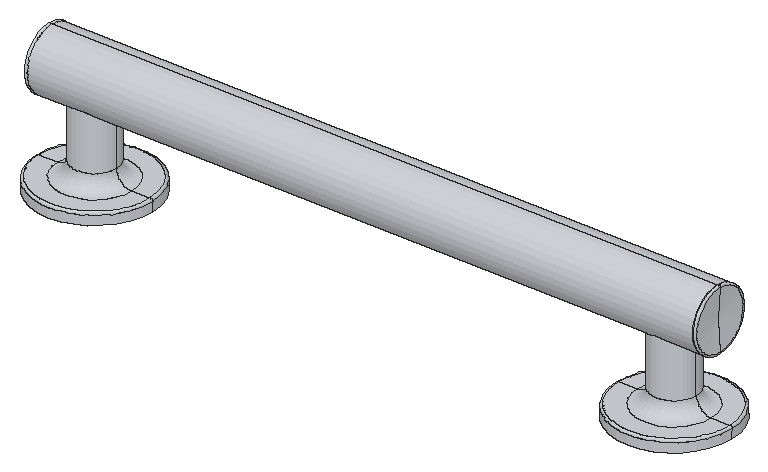
Revit family "Accessory-Grab_Bars-KOHLER-Purist-K-11891", category Generic Models, host Face, Revit 2015
Parameters (values of type "S-Polished Stainless")
  Width = 2 7/16"  # constant formula
  URL = "https://www.us.kohler.com/us/"
  Type = 1
  Product Page URL = "http://www.us.kohler.com/us/catalog/productDetails.jsp?productNumber=11891"
  Product Name = "Purist"  # constant formula
  Product Documentation Link = "http://www.us.kohler.com/onlinecatalog/pdf/K-11891_spec.pdf"
  Model = if(Type = 1, "K-11891-S", if(Type = 2, "K-11891-SN", if(Type = 3, "K-11891-BN", if(Type = 4, "K-11891-BS", if(Type = 5, "K-11891-BV", if(Type = 6, "K-11891-TT", "NA"))))))  # "K-11891-S"
  Material = "Premium Metal Construction"  # constant formula
  MasterFormat 2004 = "10.28.13"  # constant formula
  MasterFormat 1995 = "10820"  # constant formula
  Manufacturer Address = "444 Highland Dr, Kohler, WI 53044"  # constant formula
  Manufacturer = "KOHLER Co."  # constant formula
  Length = 14 103/256"  # constant formula
  Height = 2 3/4"  # constant formula
  Finish = Kohler-Metal-S-Polished_Stainless
  Environmental Product Declaration = ""
  Description = "12inch grab bar"  # constant formula
  Default Elevation = 42"
  Declare Label = ""
  Date Modified = "1/31/2018"  # constant formula
  Date Created = "1/31/2018"  # constant formula
  Copyright = "Copyright KOHLER Co."  # constant formula
  Contact Us = "https://www.us.kohler.com/us/static/contact.jsp"
  Assembly Code = "C1030200"
  ADA = yes
Types (7): name | Type | Model | Finish
  (no name) | 1 | "K-11891-S" | Kohler-Metal-S-Polished_Stainless
  S-Polished Stainless | 1 | "K-11891-S" | Kohler-Metal-S-Polished_Stainless
  SN-Vibrant Polished Nickel | 2 | "K-11891-SN" | Kohler-Metal-SN-Vibrant_Polished_Nickel
  BN-Vibrant Brushed Nickel | 3 | "K-11891-BN" | Kohler-Metal-BN-Vibrant_Brushed_Nickel
  BS-Brushed Stainless | 4 | "K-11891-BS" | Kohler-Metal-BS-Brushed_Stainless
  BV-Vibrant Brushed Bronze | 5 | "K-11891-BV" | Kohler-Metal-BV-Brushed_Bronze
  TT-Vibrant Titanium | 6 | "K-11891-TT" | Kohler-Metal-TT-Vibrant_Titanium
Reference planes (in)
  plane 1 "Center (Front/Back)": y = 0
  plane 2: z = 0
  plane 3 "Center (Left/Right)": x = 0
  plane 4: y = -1.21641
  plane 5: y = 1.22109
  plane 6: x = -7.20117
  plane 7: z = 2.75
  plane 8: x = 7.20117
Dimensions and locks (in)
  "Width": plane 4 to plane 5
  "Height": plane 7 to level
  "Length": plane 6 to plane 8
  aligned and locked: plane 2 to host face
  aligned and locked: level to host face
Automatic sketch dimensions
  host sketch curve to host sketch curve = 96"  (x2)
Nested families (in)
  nested 1: "K-11891" at (0, 0, 0), type "K-11891"
Definition of nested family "K-11891"
  Parameters (values of type "K-11891")
    Material = none
    Half Length2 = Half Length + 29/32"  # 6 29/32"
    Half Length = 6"
  Reference planes (in)
    plane 1 "Center (Front/Back)": y = 0
    plane 2: z = 0
    plane 3 "Center (Left/Right)": x = 0
  Forms (in)
    Revolve 1, solid, material <- "Material"
      sketch origin (0, 0, 0) x (1, 0, 0) y (0, 0, 1)
        loop
          line (-6, 0) -> (-6, 1.70188) -> (-6.45669, 1.70188) -> (-6.45669, 0.54668)
          arc (-6.45669, 0.54668) -> (-6.54762, 0.32715) -> (-6.76715, 0.23622) r 0.31046
          line (-6.76715, 0.23622) -> (-7.1536, 0.23622)
          arc (-7.1536, 0.23622) -> (-7.18697, 0.2224) -> (-7.20079, 0.18903) r 0.04719
          line (-7.20079, 0.18903) -> (-7.20079, 0) -> (-6, 0)
        axis (-6, 1.70188) -> (-6, 0)
      angle from 0 to 360
    Revolve 2, solid, material <- "Material"
      sketch origin (0, 0, 0) x (-1, 0, 0) y (0, 0, 1)
        loop
          line (-6, 0) -> (-6, 1.70188) -> (-6.45669, 1.70188) -> (-6.45669, 0.54668)
          arc (-6.45669, 0.54668) -> (-6.54762, 0.32715) -> (-6.76715, 0.23622) r 0.31046
          line (-6.76715, 0.23622) -> (-7.1536, 0.23622)
          arc (-7.1536, 0.23622) -> (-7.18697, 0.2224) -> (-7.20079, 0.18903) r 0.04719
          line (-7.20079, 0.18903) -> (-7.20079, 0) -> (-6, 0)
        axis (-6, 1.70188) -> (-6, 0)
      angle from 0 to 360
    Revolve 3, solid, material <- "Material"
      sketch origin (0, 0, 0.05664) x (1, 0, 0) y (0, 0, 1)
        loop
          line (-6.88912, 2.69291) -> (-6.88912, 2.66186)
          arc (-6.88912, 2.66186) -> (-6.91972, 2.697) -> (-6.95175, 2.66316) r 0.03147
          arc (-6.95175, 2.66316) -> (-6.91764, 2.36394) -> (-6.90625, 2.06299) r 3.98071
          line (-6.90625, 2.06299) -> (6.90625, 2.06299)
          arc (6.90625, 2.06299) -> (6.91764, 2.36394) -> (6.95175, 2.66316) r 3.98071
          arc (6.95175, 2.66316) -> (6.91972, 2.697) -> (6.88912, 2.66186) r 0.03147
          line (6.88912, 2.66186) -> (6.88912, 2.69291) -> (-6.88912, 2.69291)
        axis (6.95175, 2.06299) -> (-6.95175, 2.06299)
      angle from 0 to 360
  Cuts and joins
    joined: Revolve 1, Revolve 2, Revolve 3
  Lines and regions (in)
    Masking region 1
      outline origin (0, 0, 0) x (0, 1, 0) y (0, 0, 1)
        loop
          line (-1.20079, 0) -> (1.20079, 0) -> (1.20079, 0.19081)
          arc (1.20079, 0.19081) -> (1.18749, 0.22292) -> (1.15538, 0.23622) r 0.04541
          line (1.15538, 0.23622) -> (0.76814, 0.23622)
          arc (0.76814, 0.23622) -> (0.54816, 0.32734) -> (0.45704, 0.54732) r 0.3111
          line (0.45704, 0.54732) -> (0.45704, 1.67888)
          arc (0.45704, 1.67888) -> (0, 2.75457) -> (-0.45704, 1.67888) r 0.63494
          line (-0.45704, 1.67888) -> (-0.45704, 0.54732)
          arc (-0.45704, 0.54732) -> (-0.54816, 0.32734) -> (-0.76814, 0.23622) r 0.3111
          line (-0.76814, 0.23622) -> (-1.15538, 0.23622)
          arc (-1.15538, 0.23622) -> (-1.18749, 0.22292) -> (-1.20079, 0.19081) r 0.04541
          line (-1.20079, 0.19081) -> (-1.20079, 0)
    Masking region 2
      outline origin (0, 0, 0) x (1, 0, 0) y (0, 0, 1)
        loop
          line (-7.20079, 0) -> (-4.79921, 0) -> (-4.79921, 0.1905)
          arc (-4.79921, 0.1905) -> (-4.81264, 0.22291) -> (-4.84504, 0.23633) r 0.04583
          line (-4.84504, 0.23633) -> (-5.23253, 0.23633)
          arc (-5.23253, 0.23633) -> (-5.45228, 0.32736) -> (-5.54331, 0.54711) r 0.31078
          line (-5.54331, 0.54711) -> (-5.54331, 1.48971) -> (5.54331, 1.48971) -> (5.54331, 0.54711)
          arc (5.54331, 0.54711) -> (5.45228, 0.32736) -> (5.23253, 0.23633) r 0.31078
          line (5.23253, 0.23633) -> (4.84504, 0.23633)
          arc (4.84504, 0.23633) -> (4.81264, 0.22291) -> (4.79921, 0.1905) r 0.04583
          line (4.79921, 0.1905) -> (4.79921, 0) -> (7.20079, 0) -> (7.20079, 0.1905)
          arc (7.20079, 0.1905) -> (7.18736, 0.22291) -> (7.15496, 0.23633) r 0.04583
          line (7.15496, 0.23633) -> (6.76747, 0.23633)
          arc (6.76747, 0.23633) -> (6.54772, 0.32736) -> (6.45669, 0.54711) r 0.31078
          line (6.45669, 0.54711) -> (6.45669, 1.48971) -> (6.88912, 1.48971) -> (6.88912, 1.52213)
          arc (6.88912, 1.52213) -> (6.91916, 1.49078) -> (6.95175, 1.51946) r 0.03137
          line (6.95175, 1.51946) -> (6.95175, 2.7198)
          arc (6.95175, 2.7198) -> (6.91916, 2.74848) -> (6.88912, 2.71714) r 0.03137
          line (6.88912, 2.71714) -> (6.88912, 2.74955) -> (-6.88912, 2.74955) -> (-6.88912, 2.71714)
          arc (-6.88912, 2.71714) -> (-6.91916, 2.74848) -> (-6.95175, 2.7198) r 0.03137
          line (-6.95175, 2.7198) -> (-6.95175, 1.51946)
          arc (-6.95175, 1.51946) -> (-6.91916, 1.49078) -> (-6.88912, 1.52213) r 0.03137
          line (-6.88912, 1.52213) -> (-6.88912, 1.48971) -> (-6.45669, 1.48971) -> (-6.45669, 0.54711)
          arc (-6.45669, 0.54711) -> (-6.54772, 0.32736) -> (-6.76747, 0.23633) r 0.31078
          line (-6.76747, 0.23633) -> (-7.15496, 0.23633)
          arc (-7.15496, 0.23633) -> (-7.18736, 0.22291) -> (-7.20079, 0.1905) r 0.04583
          line (-7.20079, 0.1905) -> (-7.20079, 0)
    Masking region 3
      outline origin (0, 0, 0) x (1, 0, 0) y (0, 1, 0)
        loop
          line (-4.9777, -0.62992) -> (4.9777, -0.62992)
          arc (4.9777, -0.62992) -> (7.20079, 0) -> (4.9777, 0.62992) r 1.20079
          line (4.9777, 0.62992) -> (-4.9777, 0.62992)
          arc (-4.9777, 0.62992) -> (-7.20079, 0) -> (-4.9777, -0.62992) r 1.20079
    symbolic lines, detail levels medium+fine
      curve 1: line (0, 0.76814, 0.23622) -> (0, -0.76814, 0.23622)
      curve 2: arc (0, 0.45704, 1.67888) -> (0, 0, 1.48786) -> (0, -0.45704, 1.67888) r 0.64227
      curve 3: line (-5.54331, 0, 1.48971) -> (-6.45669, 0, 1.48971)
      curve 4: line (-6.88912, 0, 2.74955) -> (-6.88912, 0, 1.48971)
      curve 5: line (6.88912, 0, 2.74955) -> (6.88912, 0, 1.48971)
      curve 6: line (5.54331, 0, 1.48971) -> (6.45669, 0, 1.48971)
      curve 7: line (-6.76747, 0, 0.23633) -> (-5.23253, 0, 0.23633)
      curve 8: line (5.23253, 0, 0.23633) -> (6.76747, 0, 0.23633)
      curve 9: line (-6.88912, 0.62992, 0) -> (-6.88912, -0.62992, 0)
      curve 10: line (6.88912, 0.62992, 0) -> (6.88912, -0.62992, 0)
      curve 11: line (6.88912, 0.62992, 0) -> (4.9777, 0.62992, 0)
      curve 12: line (-6.88912, 0.62992, 0) -> (-4.9777, 0.62992, 0)
      curve 13: line (-6.95175, 0.60017, 0) -> (-6.95175, -0.60017, 0)
      curve 14: arc (-6.88912, 0.60017, 0) -> (-6.92044, 0.63148, 0) -> (-6.95175, 0.60017, 0) r 0.03131
      curve 15: arc (-6.95175, -0.60017, 0) -> (-6.91977, -0.63149, 0) -> (-6.88912, -0.59887, 0) r 0.03133
      curve 16: line (-6.88912, -0.62992, 0) -> (-4.9777, -0.62992, 0)
      curve 17: line (6.95175, 0.60017, 0) -> (6.95175, -0.60017, 0)
      curve 18: arc (6.88912, 0.60017, 0) -> (6.92044, 0.63148, 0) -> (6.95175, 0.60017, 0) r 0.03131
      curve 19: arc (6.95175, -0.60017, 0) -> (6.91977, -0.63149, 0) -> (6.88912, -0.59887, 0) r 0.03133
      curve 20: line (6.88912, -0.62992, 0) -> (4.9777, -0.62992, 0)
  Dimensions and locks (in)
    "Half Length": Revolve 1 sketch curve to plane 3 "Center (Left/Right)"
    "Half Length": plane 3 "Center (Left/Right)" to Revolve 2 sketch curve
    "Half Length2": plane 3 "Center (Left/Right)" to Revolve 3 sketch curve
    equal spacing: Revolve 3 sketch curve, plane 3 "Center (Left/Right)", Revolve 3 sketch curve
    aligned and locked: plane 2 to level
    aligned and locked: Masking region 2 sketch curve to cut or joined group of Revolve 1, Revolve 2, Revolve 3  (x7)
    aligned and locked: curve 4 to cut or joined group of Revolve 1, Revolve 2, Revolve 3
    aligned and locked: curve 5 to cut or joined group of Revolve 1, Revolve 2, Revolve 3
    aligned and locked: curve 7 to Masking region 2  (x2)
    aligned and locked: curve 8 to Masking region 2  (x2)
    aligned and locked: Masking region 3 sketch curve to cut or joined group of Revolve 1, Revolve 2, Revolve 3  (x2)
    aligned and locked: curve 9 to cut or joined group of Revolve 1, Revolve 2, Revolve 3
    aligned and locked: curve 10 to cut or joined group of Revolve 1, Revolve 2, Revolve 3
    aligned and locked: curve 11 to Masking region 3
    aligned and locked: curve 12 to Masking region 3
    aligned and locked: curve 13 to cut or joined group of Revolve 1, Revolve 2, Revolve 3
  Automatic sketch dimensions
    Revolve 2 sketch curve to level = 0"  (x2)
    Revolve 2 sketch curve to Revolve 2 sketch curve = 0.04719"
    Revolve 2 sketch curve to Revolve 2 sketch curve = 0.38645"
    Revolve 2 sketch curve to Revolve 2 sketch curve = 0.31046"
    Revolve 2 sketch curve to Revolve 2 sketch curve = 0.45669"
    Revolve 2 sketch curve to Revolve 2 sketch curve = 0.18903"
    Revolve 2 sketch curve to Revolve 2 sketch curve = 1.1552"
    Revolve 2 sketch curve to Revolve 2 sketch curve = 0"
    level to Revolve 2 sketch curve = 0.66718"
    Revolve 1 sketch curve to level = 0"  (x2)
    Revolve 1 sketch curve to Revolve 1 sketch curve = 0.45669"
    level to Revolve 1 sketch curve = 0.23622"
    Revolve 1 sketch curve to Revolve 1 sketch curve = 0.31046"
    Revolve 1 sketch curve to Revolve 1 sketch curve = 0.38645"
    Revolve 1 sketch curve to Revolve 1 sketch curve = 0.04719"
    Revolve 1 sketch curve to Revolve 1 sketch curve = 1.1552"
    Revolve 1 sketch curve to Revolve 1 sketch curve = 0"
    Revolve 1 sketch curve to level = 0.66718"
    level to Revolve 3 sketch curve = 2.11963"
    level to Revolve 3 sketch curve = 2.72218"
    Revolve 3 sketch curve to Revolve 3 sketch curve = 3.96659"
    Revolve 3 sketch curve to Revolve 3 sketch curve = 0.01413"
    Revolve 3 sketch curve to Revolve 3 sketch curve = 1/32"  (x2)
    level to Revolve 3 sketch curve = 2.74955"
    Revolve 3 sketch curve to Revolve 3 sketch curve = 0.01713"
    Revolve 3 sketch curve to Revolve 3 sketch curve = 3.98071"
    Revolve 3 sketch curve to Revolve 3 sketch curve = 0.03106"  (x2)
    Revolve 3 sketch curve to Revolve 3 sketch curve = 0.00368"
    Revolve 3 sketch curve to Revolve 3 sketch curve = 1.92908"
    Revolve 3 sketch curve to Revolve 3 sketch curve = 0"  (x2)
    Masking region 1 sketch curve to level = 0"
    plane 1 "Center (Front/Back)" to Masking region 1 sketch curve = 117/256"
    Masking region 1 sketch curve to Masking region 1 sketch curve = 0.3111"  (x2)
    Masking region 1 sketch curve to Masking region 1 sketch curve = 0.38725"  (x2)
    Masking region 1 sketch curve to Masking region 1 sketch curve = 0.04541"  (x2)
    level to Masking region 1 sketch curve = 0.23622"
    Masking region 1 sketch curve to Masking region 1 sketch curve = 0.19081"
    Masking region 1 sketch curve to Masking region 1 sketch curve = 1.13156"
    Masking region 1 sketch curve to Masking region 1 sketch curve = 0"
    Masking region 1 sketch curve to Masking region 1 sketch curve = 0.44075"
    Masking region 1 sketch curve to plane 1 "Center (Front/Back)" = 0"
    curve 2 to plane 1 "Center (Front/Back)" = 0"
    level to curve 2 = 2.13013"
    plane 1 "Center (Front/Back)" to curve 2 = 117/256"
    level to curve 1 = 0.23622"
    plane 1 "Center (Front/Back)" to curve 1 = 0.76814"
    curve 1 to plane 1 "Center (Front/Back)" = 0.76814"
    curve 2 to plane 1 "Center (Front/Back)" = 117/256"
    curve 2 to curve 2 = 0.45125"
    Masking region 2 sketch curve to Masking region 2 sketch curve = 0.04583"  (x4)
    Masking region 2 sketch curve to Masking region 2 sketch curve = 1/32"  (x3)
    Masking region 2 sketch curve to Masking region 2 sketch curve = 0.03137"  (x4)
    level to Masking region 2 sketch curve = 0.23633"  (x2)
    Masking region 2 sketch curve to Masking region 2 sketch curve = 0.38749"  (x4)
    Masking region 2 sketch curve to Masking region 2 sketch curve = 0.91339"
    Masking region 2 sketch curve to Masking region 2 sketch curve = 0.31078"  (x2)
    Masking region 2 sketch curve to Masking region 2 sketch curve = 0.74409"
    Masking region 2 sketch curve to Masking region 2 sketch curve = 0.43243"
    Masking region 2 sketch curve to Masking region 2 sketch curve = 0"
    level to Masking region 2 sketch curve = 0.1905"  (x2)
    Masking region 2 sketch curve to Masking region 2 sketch curve = 0.9426"  (x3)
    Masking region 2 sketch curve to Masking region 2 sketch curve = 0.02975"  (x2)
    Masking region 2 sketch curve to Masking region 2 sketch curve = 1.19501"  (x2)
    Masking region 2 sketch curve to Masking region 2 sketch curve = 0.03242"
    curve 4 to curve 3 = 0.43243"
    curve 3 to curve 3 = 0.91339"
    curve 3 to curve 7 = 0.31078"
    curve 8 to curve 6 = 0.31078"
    curve 6 to curve 5 = 0.43243"
    curve 8 to curve 5 = 0.12165"
    curve 8 to curve 5 = 1.25338"
    curve 8 to curve 6 = 1.25338"
    curve 7 to curve 3 = 1.25338"
    curve 4 to curve 3 = 0"
    curve 4 to curve 4 = 1.25984"
    curve 5 to curve 5 = 1.25984"
    Masking region 3 sketch curve to plane 1 "Center (Front/Back)" = 0.62992"
    plane 1 "Center (Front/Back)" to Masking region 3 sketch curve = 0.62992"
    curve 15 to curve 15 = 0.0313"
    curve 10 to curve 19 = 0.0313"
    curve 18 to curve 18 = 0.03131"
    curve 18 to curve 10 = 0.02975"
    curve 13 to curve 9 = 0.02975"
    plane 1 "Center (Front/Back)" to curve 15 = 0.60017"
    plane 1 "Center (Front/Back)" to curve 17 = 0.60017"
    curve 16 to curve 15 = 0.03106"
    curve 9 to curve 16 = 1.91142"
    curve 12 to curve 16 = 0"
    plane 1 "Center (Front/Back)" to curve 20 = 0.62992"
    curve 20 to curve 10 = 1.91142"
    curve 11 to curve 20 = 0"
